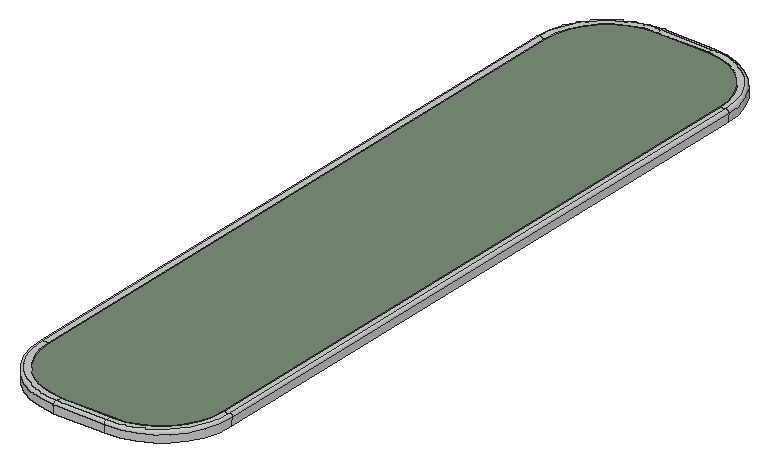
Revit family
Parameters (values of type "12800 x 3000mm")
  Length = 12800 mm
  Width = 3000 mm
Reference planes
  plane 1 "Center (Front/Back)": y = -914.4
  plane 2: z = 0
  plane 3 "Center (Left/Right)": x = 0
  plane 4: y = 5485.6
  plane 5: y = -7314.4
  plane 6: x = -3152.4
  plane 7: x = -152.4
  plane 8: x = -3304.8
  plane 9: y = -7466.8
  plane 10: y = 5638
  plane 11: x = -1652.4
  plane 12: x = -2085.6
  plane 13: x = -1219.2
Forms (mm)
  Sweep 1, solid, material "Concrete - Cast-in-Place Concrete"
    path origin (0, 0, 0) x (1, 0, 0) y (0, 1, 0)
      loop
        arc (0, 4418.8) -> (-357.095, 5280.905) -> (-1219.2, 5638) r 1219.2
        line (-1219.2, 5638) -> (-2085.6, 5638)
        arc (-2085.6, 5638) -> (-2947.705, 5280.905) -> (-3304.8, 4418.8) r 1219.2
        line (-3304.8, 4418.8) -> (-3304.8, -6247.6)
        arc (-3304.8, -6247.6) -> (-2947.705, -7109.705) -> (-2085.6, -7466.8) r 1219.2
        line (-2085.6, -7466.8) -> (-1219.2, -7466.8)
        arc (-1219.2, -7466.8) -> (-357.095, -7109.705) -> (0, -6247.6) r 1219.2
        line (0, -6247.6) -> (0, 4418.8)
    profile origin (0, -914.4, 0) x (1, 0, 0) y (0, 0, 1)
      loop
        line (0, 0) -> (0, 127)
        arc (0, 127) -> (-14.879, 162.921) -> (-50.8, 177.8) r 50.8
        line (-50.8, 177.8) -> (-152.4, 177.8) -> (-152.4, 0) -> (0, 0)
  Extrusion 2, solid, material "Site - Grass"
    sketch origin (0, 0, 0) x (1, 0, 0) y (0, 1, 0)
      loop
        arc (-3152.4, -6247.6) -> (-2839.942, -7001.942) -> (-2085.6, -7314.4) r 1066.8
        line (-2085.6, -7314.4) -> (-1219.2, -7314.4)
        arc (-1219.2, -7314.4) -> (-464.858, -7001.942) -> (-152.4, -6247.6) r 1066.8
        line (-152.4, -6247.6) -> (-152.4, 4418.8)
        arc (-152.4, 4418.8) -> (-464.858, 5173.142) -> (-1219.2, 5485.6) r 1066.8
        line (-1219.2, 5485.6) -> (-2085.6, 5485.6)
        arc (-2085.6, 5485.6) -> (-2839.942, 5173.142) -> (-3152.4, 4418.8) r 1066.8
        line (-3152.4, 4418.8) -> (-3152.4, -6247.6)
    from 0 to 177.8
Lines and regions (mm)
  symbolic lines, style "Parking Island"
    curve 1: line (-3152.4, 4418.8, 0) -> (-3152.4, -6247.6, 0)
    curve 2: arc (-3152.4, 4418.8, 0) -> (-2839.942, 5173.142, 0) -> (-2085.6, 5485.6, 0) r 1066.8
    curve 3: line (-1219.2, 5485.6, 0) -> (-2085.6, 5485.6, 0)
    curve 4: line (-152.4, -6247.6, 0) -> (-152.4, 4418.8, 0)
    curve 5: arc (-3152.4, -6247.6, 0) -> (-2839.942, -7001.942, 0) -> (-2085.6, -7314.4, 0) r 1066.8
    curve 6: line (-2085.6, -7314.4, 0) -> (-1219.2, -7314.4, 0)
  model lines, style "Parking Island"
    curve 7: arc (-152.4, -6247.6, 0) -> (-464.858, -7001.942, 0) -> (-1219.2, -7314.4, 0) r 1066.8
    curve 8: arc (-152.4, 4418.8, 0) -> (-464.858, 5173.142, 0) -> (-1219.2, 5485.6, 0) r 1066.8
Dimensions and locks
  "Length": plane 5 to plane 4
  "Width": plane 6 to plane 7
  locked: plane 7 to plane 3 "Center (Left/Right)" at 152.4
  locked: plane 4 to plane 10 at 152.4
  locked: plane 8 to plane 6 at 152.4
  locked: plane 9 to plane 5 at 152.4
  equal spacing: plane 6, plane 11, plane 7
  equal spacing: plane 5, plane 1 "Center (Front/Back)", plane 4
  locked: plane 6 to plane 12 at 1066.8
  locked: plane 13 to plane 7 at 1066.8
  aligned and locked: Extrusion 2 sketch curve to curve 1
  aligned and locked: Extrusion 2 sketch curve to curve 4
  aligned and locked: plane 9 to Sweep 1 sketch curve
  aligned and locked: plane 10 to Sweep 1 sketch curve
  aligned and locked: Sweep 1 sketch curve to plane 3 "Center (Left/Right)"
  aligned and locked: Sweep 1 sketch curve to plane 8
  aligned and locked: curve 3 to plane 4
  aligned and locked: curve 6 to plane 5
  aligned and locked: Extrusion 2 sketch curve to curve 3
  aligned and locked: Extrusion 2 sketch curve to curve 6
Automatic sketch dimensions
  Sweep 1 sketch curve to level = 0 mm
  Sweep 1 sketch curve to profile plane = 0 mm
  profile plane to Sweep 1 sketch curve = 50.8 mm
  Sweep 1 sketch curve to Sweep 1 sketch curve = 101.6 mm
  level to Sweep 1 sketch curve = 127 mm
  Extrusion 2 sketch curve to plane 12 = 0 mm  (x2)
  Extrusion 2 sketch curve to plane 13 = 0 mm  (x2)
  Sweep 1 sketch curve to plane 12 = 0 mm  (x2)
  Sweep 1 sketch curve to plane 13 = 0 mm  (x2)
  curve 5 to plane 6 = 0 mm
  curve 2 to plane 12 = 0 mm
  curve 5 to plane 12 = 0 mm
  curve 3 to plane 13 = 0 mm
  curve 6 to plane 13 = 0 mm
  curve 8 to plane 7 = 0 mm
